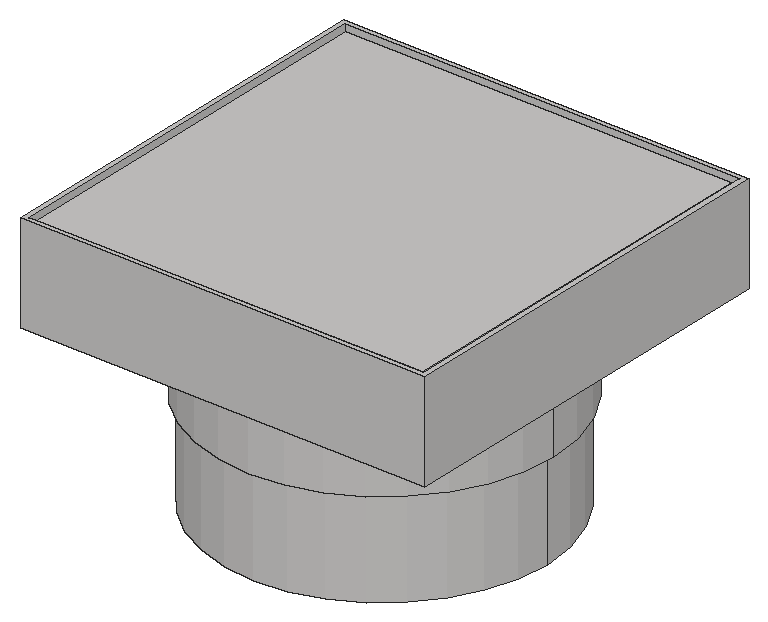
Revit family "Cleanout_Square_Industrial_Floor-Zurn-Z1840-8S", category Plumbing Fixtures, Revit 2022
Family settings
  Round Connector Dimension = Use Radius
  Part Type = Normal
  OmniClass Number = 23.45.55.21
  OmniClass Title = Drains (Wastes)
  Work Plane-Based = No
  Always vertical = Yes
  Cut with Voids When Loaded = No
  Maintain Annotation Orientation = No
  Shared = No
  Room Calculation Point = No
Parameters (values of type "Load Family Type Catalog")
  Vent Connection = 1 = 0  # no
  HW Connection = 1 = 0  # no
  Grate Thickness = 0.563"
  Drain Total Height = 5.500"
  Square Drain Dimension = 8.218"
  CW Connection = 1 = 0  # no
  Waste Connection = 1 = 1  # yes
  WFU = 1  # constant formula
  URL = "www.zurn.com"
  Type Comments = "ZM1840-8S_6 Inch No-Hub Outlet (Sch. 10)"
  Product data url = ""
  Product Page URL = "https://www.zurn.com/products/drainage-interceptors/stainless-drains/stainless-cleanouts/z1840-8s"
  Product Documentation Link = "https://files.zurn.com/spec-sheets/z1840-8s.pdf"
  Pipe Size 'A' (Outer Diameter) = 6.625"
  Pipe Size 'A' (Nominal Radius) = [Pipe Size 'A' (Nominal Diameter)] / 2  # 3.000"
  Pipe Size 'A' (Nominal Diameter) = 6.000"
  Pipe Size 'A' (Inner Radius) = [Pipe Size 'A' (Inner Diameter)] / 2  # 3.1785"
  Pipe Size 'A' (Outer Radius) = [Pipe Size 'A' (Outer Diameter)] / 2  # 3.3125"
  Pipe Size 'A' (Inner Diameter) = 6.357"
  Modified Date = "02/27/26"  # constant formula
  Model = "ZM1840-8S"
  Manufacurer Brand = "Zurn"  # constant formula
  Manufacturer = "Zurn Water, LLC"  # constant formula
  Main Material = Steel - Zurn- Stainless - Type - 316
  HWFU = 0  # constant formula
  Description = "8” x 8” [203 x 203] SQUARE INDUSTRIAL FLOOR CLEANOUT"  # constant formula
  Default Elevation = 20.000"  # constant formula
  Date Created = "06/03/22"  # constant formula
  CWFU = 0  # constant formula
  Assembly Code = "D2030300"
Reference planes (in)
  plane 1 "Center (Front/Back)": y = 0
  plane 2: z = 0
  plane 3 "Center (Left/Right)": x = 0
  plane 4 "edge plane_2": x = 4.109
  plane 5 "edge plane_1": x = -4.109
  plane 6: z = -0.563
  plane 7 "END PLANE": z = -5.5
  plane 8: z = -2
  plane 9: z = -3.5
  plane 10: x = -2.375
  plane 11: x = 3.3125
  plane 12: x = 3.3125
  plane 13: x = 4.109
  plane 14: y = 1.5
  plane 15: y = -1.5
  plane 16: x = -3.3125
  plane 17: x = 3.3125
  plane 18: y = 3.3125
  plane 19: y = -3.3125
  plane 20: x = 4
  plane 21: y = 4.109
  plane 22: y = -4.109
  plane 23: x = 3.7965
  plane 24: x = 3.4375
  plane 25: x = -4.015
  plane 26: y = -4.015
  plane 27: x = 4.015
  plane 28: y = 4.015
  plane 29: z = -1.875
  plane 30: x = -3.921
  plane 31: y = 3.921
  plane 32: x = 3.46769
  plane 33: y = -3.921
  plane 34: z = -0.063
  plane 35: x = 3.921
  plane 36: x = -3.3125
Forms (in)
  Revolve 1, solid, material "Steel - Zurn- Stainless - Type - 316" <- "Main Material", detail levels fine
    sketch origin (0, 0, 0) x (1, 0, 0) y (0, 0, 1)
      loop
        line (0, -5.5) -> (3.3125, -5.5) -> (3.3125, -3.5) -> (3.4375, -3.5) -> (3.4375, -2) -> (0, -2) -> (0, -5.5)
      axis (0, -5.5) -> (0, -2)
    angle from 0 to 360
  Extrusion 2, solid, material "Steel - Zurn- Stainless - Type - 316" <- "Main Material", detail levels fine
    sketch origin (65.34541, 0, -2) x (1, 0, 0) y (0, 1, 0)
      loop
        line (-69.45441, 4.109) -> (-69.45441, -4.109) -> (-61.23641, -4.109) -> (-61.23641, 4.109) -> (-69.45441, 4.109)
    from 0 to 2
  Extrusion 3, void
    sketch origin (0, 0, 0) x (0, 1, 0) y (1, 0, 0)
      loop
        line (4.015, -4.015) -> (4.015, 4.015) -> (-4.015, 4.015) -> (-4.015, -4.015) -> (4.015, -4.015)
    from 0 to 1.86636
  Extrusion 4, solid, material "Steel - Zurn- Stainless - Type - 316" <- "Main Material", detail levels fine
    sketch origin (0, 0, 0) x (1, 0, 0) y (0, 1, 0)
      loop
        line (-3.921, 3.921) -> (-3.921, -3.921) -> (3.921, -3.921) -> (3.921, 3.921) -> (-3.921, 3.921)
    from -0.063 to -0.563
Cuts and joins
  Extrusion 3 cuts Revolve 1
  Extrusion 3 cuts Extrusion 2
Lines and regions (in)
  Masking region 1, detail levels fine
    outline origin (0, 0, 0) x (1, 0, 0) y (0, 1, 0)
      loop
        line (-4.109, 4.109) -> (-4.109, -4.109) -> (4.109, -4.109) -> (4.109, 4.109) -> (-4.109, 4.109)
  model lines, detail levels coarse+medium
    curve 1: line (0, 0, 0) -> (0, 0, -5.5)
    curve 2: line (-3.3125, 0, -5.5) -> (3.3125, 0, -5.5)
    curve 3: line (0, 3.3125, -5.5) -> (0, -3.3125, -5.5)
    curve 4: line (-4.109, -4.109, 0) -> (4.109, -4.109, 0)
    curve 5: line (-4.109, 4.109, 0) -> (4.109, 4.109, 0)
    curve 6: line (-4.109, -4.109, 0) -> (-4.109, 4.109, 0)
    curve 7: line (4.109, -4.109, 0) -> (4.109, 4.109, 0)
Dimensions and locks (in)
  plane 4 "edge plane_2" to plane 3 "Center (Left/Right)" to plane 5 "edge plane_1" = 4.109", 4.109"
  "Grate Thickness": plane 6 to level
  locked: plane 8 to level at 2
  locked: plane 9 to plane 8 at 1.5
  "Drain Total Height": plane 7 "END PLANE" to level
  "Pipe Size 'A' (Outer Radius)": plane 11 to plane 3 "Center (Left/Right)"
  plane 13 to plane 3 "Center (Left/Right)" = 4.109"
  plane 4 "edge plane_2" to plane 5 "edge plane_1" = 8.218"
  equal spacing: plane 18, plane 1 "Center (Front/Back)", plane 19
  "Pipe Size 'A' (Outer Diameter)": plane 18 to plane 19
  plane 6 to plane 8 = 1.437"
  equal spacing: plane 4 "edge plane_2", plane 3 "Center (Left/Right)", plane 5 "edge plane_1"
  equal spacing: plane 21, plane 1 "Center (Front/Back)", plane 22
  "Square Drain Dimension": plane 21 to plane 22
  plane 5 "edge plane_1" to plane 4 "edge plane_2" = 8.218"
  "Square Drain Dimension": plane 4 "edge plane_2" to plane 5 "edge plane_1"
  plane 8 to plane 7 "END PLANE" = 3.500"
  "Pipe Size 'A' (Outer Radius)": plane 12 to plane 3 "Center (Left/Right)"
  plane 24 to plane 12 = 0.125"
  plane 21 to plane 28 = 0.094"
  locked: plane 26 to plane 22 at 0.094
  locked: plane 5 "edge plane_1" to plane 25 at 0.094
  plane 29 to plane 8 = 0.125"
  locked: plane 33 to plane 22 at 0.188
  locked: plane 21 to plane 31 at 0.188
  locked: plane 5 "edge plane_1" to plane 30 at 0.188
  locked: plane 34 to plane 6 at 0.5
  plane 5 "edge plane_1" to plane 3 "Center (Left/Right)" = 4.109"
  plane 27 to plane 13 = 0.094"
  locked: plane 35 to plane 13 at 0.188
  "Pipe Size 'A' (Outer Radius)": plane 3 "Center (Left/Right)" to plane 36
  aligned and locked: plane 2 to level
  aligned and locked: level to curve 1
  aligned and locked: plane 7 "END PLANE" to curve 1
  aligned and locked: plane 18 to curve 3
  aligned and locked: plane 19 to curve 3
  aligned and locked: curve 3 to plane 3 "Center (Left/Right)"
  aligned and locked: plane 5 "edge plane_1" to curve 5
  aligned and locked: plane 4 "edge plane_2" to curve 5
  aligned and locked: curve 5 to plane 21
  aligned and locked: plane 4 "edge plane_2" to curve 4
  aligned and locked: plane 5 "edge plane_1" to curve 4
  aligned and locked: curve 4 to plane 22
  aligned and locked: plane 21 to curve 6
  aligned and locked: plane 22 to curve 6
  aligned and locked: plane 21 to curve 7
  aligned and locked: plane 22 to curve 7
  aligned and locked: plane 4 "edge plane_2" to curve 7
  aligned and locked: plane 5 "edge plane_1" to curve 6
  aligned and locked: Masking region 1 sketch curve to curve 5
  aligned and locked: Masking region 1 sketch curve to curve 6
  aligned and locked: Masking region 1 sketch curve to curve 4
  aligned and locked: Masking region 1 sketch curve to curve 7
  aligned and locked: plane 22 to Masking region 1 sketch curve
  aligned and locked: plane 21 to Masking region 1 sketch curve
  aligned and locked: Revolve 1 sketch curve to Revolve 1 sketch curve
  aligned and locked: plane 12 to Revolve 1 sketch curve
  aligned and locked: Revolve 1 sketch curve to plane 24
  aligned and locked: plane 8 to Revolve 1 sketch curve
  aligned and locked: plane 24 to Revolve 1 sketch curve
  aligned and locked: plane 9 to Revolve 1 sketch curve
  aligned and locked: Revolve 1 sketch curve to plane 3 "Center (Left/Right)"
  aligned and locked: plane 7 "END PLANE" to Revolve 1 sketch curve  (x2)
  aligned and locked: Extrusion 2 sketch curve to curve 4
  aligned and locked: Extrusion 2 sketch curve to plane 21
  aligned and locked: plane 5 "edge plane_1" to Extrusion 2 sketch curve
  aligned and locked: Extrusion 2 sketch curve to plane 4 "edge plane_2"
  aligned and locked: plane 26 to Extrusion 3 sketch curve
  aligned and locked: Extrusion 3 sketch curve to plane 27
  aligned and locked: Extrusion 3 sketch curve to plane 28
  aligned and locked: plane 25 to Extrusion 3 sketch curve
  aligned and locked: Extrusion 3 to cut or joined group of Extrusion 2, Extrusion 3
  aligned and locked: plane 30 to Extrusion 4 sketch curve  (x2)
  aligned and locked: plane 33 to Extrusion 4 sketch curve  (x2)
  aligned and locked: plane 31 to Extrusion 4 sketch curve  (x2)
  aligned and locked: plane 21 to cut or joined group of Extrusion 2, Extrusion 3
  aligned and locked: cut or joined group of Extrusion 2, Extrusion 3 to plane 5 "edge plane_1"
  aligned and locked: plane 4 "edge plane_2" to cut or joined group of Extrusion 2, Extrusion 3
  aligned and locked: plane 21 to Masking region 1
  aligned and locked: cut or joined group of Extrusion 2, Extrusion 3 to plane 22
  aligned and locked: plane 4 "edge plane_2" to Masking region 1
  aligned and locked: level to Extrusion 2
  aligned and locked: Extrusion 2 to plane 8
  aligned and locked: Extrusion 4 sketch curve to plane 35
  aligned and locked: plane 35 to Extrusion 4 sketch curve
  aligned and locked: plane 36 to curve 2
  aligned and locked: plane 12 to curve 2
Automatic sketch dimensions
  Revolve 1 sketch curve to plane 7 "END PLANE" = 18.500"
  plane 6 to Revolve 1 sketch curve = 0.19712"
  curve 1 to plane 3 "Center (Left/Right)" = 0.000"
Connectors (in)
  piping at (0, 0, -5.5), diameter 6, driven by "Pipe Size 'A' (Nominal Radius)", driven by "Waste Connection"
    settings: on Revolve 1, index 1, connector inside diameter 24", connector length 0.000", flow factor 0, pipe flow 0 GPM, pressure drop 0.00 psi, fitting loss kfactor 0, connector angle 0.00°, fixture units 0, engagement length 0.000", angle of deflection 0.00°, flow configuration 0, flow direction 2, fitting loss method 0, system type 16, joint type 0, gender type 0, connector reference index -1, connector utility 1, adjustable connector no, is connector primary yes, connector description "Sanitary Outlet"
